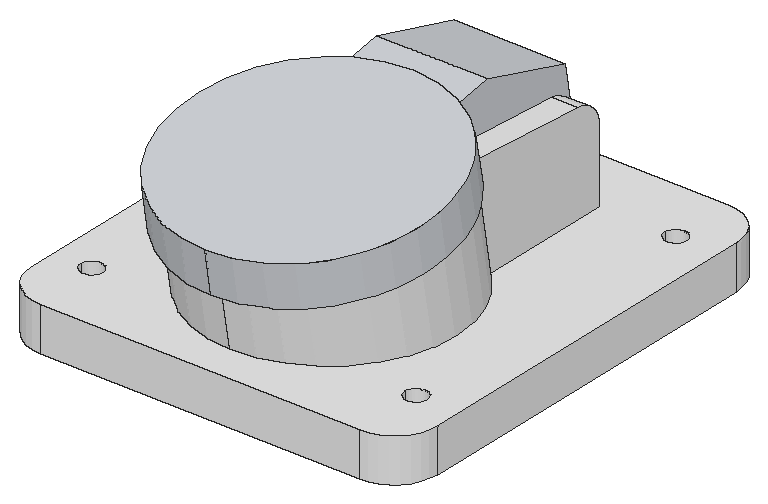
Revit family "Building-ConnessioniIEC309-GEWISS-IEC309HP-PRESE_FISSE_INC_10°_16A_IP44-54", category Apparecchi elettrici, host Superficie, Revit 2019
Family settings
  Host = Superficie
  Mantenere orientamento annotazione = Sì
  Quota connettore circolare = Usa diametro
  Tipo di parte = Normale
  Taglio con vuoti quando caricato = No
  Condiviso = Sì
  Punto di calcolo locali = Sì
Parameters (values of type "GW62817H - PR.INC.10° HP IP44 2P+T 16A-250Vcc8H")
  simbolo acceso [instance] = yes
  distanza_simbolo [instance] = 1 mm
  distanza dal piano [instance] = 0 mm
  W = 115 mm  # constant formula
  Versione file RFA = "21.11"
  URL = "https://www.gewiss.com/it/it"
  Tipologia = "Presa fissa da incasso 10°"
  Tipo Materiale = "Halogen free secondo norma EN 60754-2"
  Tipo Cablaggio = "A vite"
  Termopressione con biglia = "125 °C (Parti attive) - 80 °C (Parti passive)"
  Tensione nominale: = "-250 V"
  Temperatura di utilizzo = "-25 +55 °C"
  Spostamento_effettivo_S [instance] = 4000 mm - Spostamento_S  # 3037.5 mm
  Spostamento_S = 962.5 mm
  Sportello_visibile = yes
  Sovraccarico ammissibile = "22A"
  Scheda Tecnica = "https://www.gewiss.com/it/it/search?q=GW62817H"
  SPinotto = Default(2)
  SEO = "Presa"
  Riferimento h = "8"
  Resistenza di isolamento = "- 10 M?"
  Resistenza agli urti = "IK09"
  Default Elevation = 1219.2 mm
  Produttore = "GEWISS S.p.A."
  Prodotto a stock = ""
  Potere d'interruzione a 1,1 Un = "20A"
  Piastra = Default(2)
  N. poli = "2P+T"
  N. Manovre complessive = "-5000"
  Modello = "GW62817H"
  L = 155 mm  # constant formula
  Immagine tipo = (empty or 0)
  IDT = "449c9be6174e4ad8ab616abcf13f5df9"
  IDF = "60aa36fe-d3be-49a0-8a8f-dcc7e3cb5958"
  Grado di protezione = "IP44/IP54"
  Glow wire test: = "850 °C (Parti attive) - 650 °C (Parti passive)"
  Frequenza = "c.c."
  FORMULA = 1000 mm * 1  # 1000 mm
  Dimensioni flangia (mm) = "85x75"
  Descrizione = "PR.INC.10° HP IP44 2P+T 16A >250Vcc8H"
  Creato da GEWISS S.p.A. = ""
  Corrente nominale (A) = "16"
  Corpo centrale = Default(2)
  Colore: = "Grigio"
  Codice Electrocod = "2211"
  Catalogo = "BUILDING"
  CapacitÃ  serraggio morsetti = "1-2,5 mm² cavi flessibili - 1,5-4 mm² cavi rigidi"
  COBie.Tagnumber = ""
  COBie.CreatedOn = ""
  COBie.CreatebBy = ""
  COBie.ComponentRegisterItemID = ""
  COBie.Component.TagNumber = ""
  COBie.Component.Space = ""
  COBie.Component.SerialNumber = ""
  COBie.Component.InstallationDate = ""
  COBie.Component.Description = ""
  COBie.Component.BarCode = ""
  BLOCCO = "B=C"
Types (28, lengths in mm): name | Tensione nominale: | Scheda Tecnica | Riferimento h | N. poli | Modello | IDT | Frequenza | Descrizione | Colore: | Codice Electrocod
  GW62201H - PR.INC.10° HP IP44 2P+T 16A 110V 4H | "100 - 130 V" | "https://www.gewiss.com/it/it/search?q=GW62201H" | "4" | "2P+T" | "GW62201H" | "522bb0cb411141a68ef245d5ba18e1e8" | "50/60 Hz" | "PR.INC.10° HP IP44 2P+T 16A 110V 4H" | "Giallo" | "2210"
  GW62202H - PR.INC.10° HP IP44 3P+T 16A 110V 4H | "100 - 130 V" | "https://www.gewiss.com/it/it/search?q=GW62202H" | "4" | "3P+T" | "GW62202H" | "cbd5b3aa4f9f4f9db47fdae11ad827ab" | "50/60 Hz" | "PR.INC.10° HP IP44 3P+T 16A 110V 4H" | "Giallo" | "2210"
  GW62203H - PR.INC.10° HP IP44 3P+N+T 16A 110V 4H | "100 - 130 V" | "https://www.gewiss.com/it/it/search?q=GW62203H" | "4" | "3P+N+T" | "GW62203H" | "f08aecbf33af4d49914bcb00c71fcf7d" | "50/60 Hz" | "PR.INC.10° HP IP44 3P+N+T 16A 110V 4H" | "Giallo" | "2210"
  GW62205H - PR.INC.10° HP IP44 2P+T 16A 230V 6H | "200 - 250 V" | "https://www.gewiss.com/it/it/search?q=GW62205H" | "6" | "2P+T" | "GW62205H" | "fed461e781f64cfa8453bcc8ef1abc60" | "50/60 Hz" | "PR.INC.10° HP IP44 2P+T 16A 230V 6H" | "Blu" | "2210"
  GW62206H - PR.INC.10° HP IP44 3P+T 16A 230V 9H | "200 - 250 V" | "https://www.gewiss.com/it/it/search?q=GW62206H" | "9" | "3P+T" | "GW62206H" | "c354a84f0b194c74b8054a5a98bea44b" | "50/60 Hz" | "PR.INC.10° HP IP44 3P+T 16A 230V 9H" | "Blu" | "2210"
  GW62207H - PR.INC.10° HP IP44 3P+N+T 16A 230V 9H | "200 - 250 V" | "https://www.gewiss.com/it/it/search?q=GW62207H" | "9" | "3P+N+T" | "GW62207H" | "9162e7b46d564a5e8911e9751dbfbb7f" | "50/60 Hz" | "PR.INC.10° HP IP44 3P+N+T 16A 230V 9H" | "Blu" | "2210"
  GW62208H - PR.INC.10° HP IP44 2P+T 16A 400V 9H | "380 - 415 V" | "https://www.gewiss.com/it/it/search?q=GW62208H" | "9" | "2P+T" | "GW62208H" | "618010588fe54a099c75c459623e97d9" | "50/60 Hz" | "PR.INC.10° HP IP44 2P+T 16A 400V 9H" | "Rosso" | "2210"
  GW62209H - PR.INC.10° HP IP44 3P+T 16A 400V 6H | "380 - 415 V" | "https://www.gewiss.com/it/it/search?q=GW62209H" | "6" | "3P+T" | "GW62209H" | "537fb0c1ab1e4e2b8bda9ea244a71e4e" | "50/60 Hz" | "PR.INC.10° HP IP44 3P+T 16A 400V 6H" | "Rosso" | "2210"
  GW62210H - PR.INC.10° HP IP44 3P+N+T 16A 400V 6H | "380 - 415 V" | "https://www.gewiss.com/it/it/search?q=GW62210H" | "6" | "3P+N+T" | "GW62210H" | "f602b4d08b254745969e109e622f3307" | "50/60 Hz" | "PR.INC.10° HP IP44 3P+N+T 16A 400V 6H" | "Rosso" | "2210"
  GW62211H - PR.INC.10° HP IP44 3P+T 16A 500V 7H | "480 - 500 V" | "https://www.gewiss.com/it/it/search?q=GW62211H" | "7" | "3P+T" | "GW62211H" | "3417a573669b4ccea5d25befb81667e8" | "50/60 Hz" | "PR.INC.10° HP IP44 3P+T 16A 500V 7H" | "Nero" | "2210"
  GW62212H - PR.INC.10° HP IP44 3P+N+T 16A 500V 7H | "480 - 500 V" | "https://www.gewiss.com/it/it/search?q=GW62212H" | "7" | "3P+N+T" | "GW62212H" | "b8098b485a3146d2adb2c1d1e69ba87c" | "50/60 Hz" | "PR.INC.10° HP IP44 3P+N+T 16A 500V 7H" | "Nero" | "2210"
  GW62801H - PR.INC.10° HP IP44 2P+T 16A 500V 7H | "480 - 500 V" | "https://www.gewiss.com/it/it/search?q=GW62801H" | "7" | "2P+T" | "GW62801H" | "1e525980b27949d4866e88fc992d7cad" | "50/60 Hz" | "PR.INC.10° HP IP44 2P+T 16A 500V 7H" | "Nero" | "2211"
  GW62802H - PR.INC.10° HP IP44 3P+T 16A 690V 5H | "600 - 690 V" | "https://www.gewiss.com/it/it/search?q=GW62802H" | "5" | "3P+T" | "GW62802H" | "5381cd39c41c4d1285cc996da3538af1" | "50/60 Hz" | "PR.INC.10° HP IP44 3P+T 16A 690V 5H" | "Nero" | "2211"
  GW62803H - PR.INC.10° HP IP44 3P+N+T 16A 690V 5H | "600 - 690 V" | "https://www.gewiss.com/it/it/search?q=GW62803H" | "5" | "3P+N+T" | "GW62803H" | "60b6ecd826a8488ba21a83d217ef732c" | "50/60 Hz" | "PR.INC.10° HP IP44 3P+N+T 16A 690V 5H" | "Nero" | "2211"
  GW62804H - PR.INC.10° HP IP44 2P+T 16A-50V 10H | "-50 V" | "https://www.gewiss.com/it/it/search?q=GW62804H" | "10" | "2P+T" | "GW62804H" | "1cfe2a988e5a44c194ca3df296c0e3d2" | "100 - 300 Hz" | "PR.INC.10° HP IP44 2P+T 16A >50V 10H" | "Verde" | "2211"
  GW62805H - PR.INC.10° HP IP44 3P+T 16A-50V 10H | "-50 V" | "https://www.gewiss.com/it/it/search?q=GW62805H" | "10" | "3P+T" | "GW62805H" | "96a2ef7a21824eb987fa8de3d02240f2" | "100 - 300 Hz" | "PR.INC.10° HP IP44 3P+T 16A >50V 10H" | "Verde" | "2211"
  GW62806H - PR.INC.10° HP IP44 3P+N+T 16A-50V10H | "-50 V" | "https://www.gewiss.com/it/it/search?q=GW62806H" | "10" | "3P+N+T" | "GW62806H" | "b967acf0fbcd4268b375ef0ab55871d7" | "100 - 300 Hz" | "PR.INC.10° HP IP44 3P+N+T 16A >50V10H" | "Verde" | "2211"
  GW62807H - PR.INC.10° HP IP44 2P+T 16A-50V 2H | "-50 V" | "https://www.gewiss.com/it/it/search?q=GW62807H" | "2" | "2P+T" | "GW62807H" | "b4293150483c4cfb8c3c9791b508000d" | "-300 - 500 Hz" | "PR.INC.10° HP IP44 2P+T 16A >50V 2H" | "Verde" | "2211"
  GW62808H - PR.INC.10° HP IP44 3P+T 16A-50V 2H | "-50 V" | "https://www.gewiss.com/it/it/search?q=GW62808H" | "2" | "3P+T" | "GW62808H" | "774af41f0de74e6ca2b0c5cfb33fb662" | "-300 - 500 Hz" | "PR.INC.10° HP IP44 3P+T 16A >50V 2H" | "Verde" | "2211"
  GW62809H - PR.INC.10° HP IP44 3P+N+T 16A-50V2H | "-50 V" | "https://www.gewiss.com/it/it/search?q=GW62809H" | "2" | "3P+N+T" | "GW62809H" | "4db4aa9441c643d888f05182126a56ab" | "-300 - 500 Hz" | "PR.INC.10° HP IP44 3P+N+T 16A >50V2H" | "Verde" | "2211"
  GW62810H - PR.INC.10° HP IP44 3P+T 16A 440÷460V 11H | "440 - 460 V" | "https://www.gewiss.com/it/it/search?q=GW62810H" | "11" | "3P+T" | "GW62810H" | "bbba483e4b7a44a2bfde91ad2d28890e" | "60 Hz" | "PR.INC.10° HP IP44 3P+T 16A 440÷460V 11H" | "Rosso" | "2211"
  GW62811H - PR.INC.10°HP IP44 3P+N+T 16A 440÷460V11H | "440 - 460 V" | "https://www.gewiss.com/it/it/search?q=GW62811H" | "11" | "3P+N+T" | "GW62811H" | "013e84dd4e7e4da0bf96c8e78c399b43" | "60 Hz" | "PR.INC.10°HP IP44 3P+N+T 16A 440÷460V11H" | "Rosso" | "2211"
  GW62812H - PR.INC.10° HP IP44 3P+T 16A 380/440V 3H | "380 - 440 V" | "https://www.gewiss.com/it/it/search?q=GW62812H" | "3" | "3P+T" | "GW62812H" | "dc445870a3d145b68d9503ff29cb0347" | "50/60 Hz" | "PR.INC.10° HP IP44 3P+T 16A 380/440V 3H" | "Rosso" | "2211"
  GW62813H - PR.INC.10° HP IP44 3P+N+T 16A 380/440V3H | "380 - 440 V" | "https://www.gewiss.com/it/it/search?q=GW62813H" | "3" | "3P+N+T" | "GW62813H" | "363f8333e76d4e69aa2725f0ca1879f2" | "50/60 Hz" | "PR.INC.10° HP IP44 3P+N+T 16A 380/440V3H" | "Rosso" | "2211"
  GW62814H - PR.INC.10° HP IP44 2P+T 16A TRASF.12H | "trasf." | "https://www.gewiss.com/it/it/search?q=GW62814H" | "12" | "2P+T" | "GW62814H" | "b4658504dfa4408eae8291d6811099d5" | "50/60 Hz" | "PR.INC.10° HP IP44 2P+T 16A TRASF.12H" | "Grigio" | "2211"
  GW62815H - PR.INC.10° HP IP44 3P+T 16A TRASF.12H | "trasf." | "https://www.gewiss.com/it/it/search?q=GW62815H" | "12" | "3P+T" | "GW62815H" | "45b878129c2843198bc9f475ef54de60" | "50/60 Hz" | "PR.INC.10° HP IP44 3P+T 16A TRASF.12H" | "Grigio" | "2211"
  GW62816H - PR.INC.10° HP IP44 2P+T 16A-50÷250Vcc3H | "-50 - 250 V" | "https://www.gewiss.com/it/it/search?q=GW62816H" | "3" | "2P+T" | "GW62816H" | "9615f983d9d74483a732660c4bca6046" | "c.c." | "PR.INC.10° HP IP44 2P+T 16A >50÷250Vcc3H" | "Grigio" | "2211"
  GW62817H - PR.INC.10° HP IP44 2P+T 16A-250Vcc8H | "-250 V" | "https://www.gewiss.com/it/it/search?q=GW62817H" | "8" | "2P+T" | "GW62817H" | "449c9be6174e4ad8ab616abcf13f5df9" | "c.c." | "PR.INC.10° HP IP44 2P+T 16A >250Vcc8H" | "Grigio" | "2211"
Reference planes
  plane 1 "Centro (Fronte/Retro)": y = 0
  plane 2: z = 0
  plane 3 "Centro (Sinistra/Destra)": x = 0
  plane 4: x = -3000
  plane 5: x = 37.5
  plane 6: z = 0
Dimensions and locks
  plane 4 to plane 3 "Centro (Sinistra/Destra)" = 3000 mm
  "Spostamento_effettivo_S": plane 4 to plane 5
  "distanza dal piano": plane 6 to plane 2
  aligned and locked: plane 2 to host face
  aligned and locked: level to host face
  aligned and locked: plane 3 "Centro (Sinistra/Destra)" to nested 1
  aligned and locked: plane 1 "Centro (Fronte/Retro)" to nested 1
  aligned and locked: nested 2 to plane 5
Automatic sketch dimensions
  host sketch curve to host sketch curve = 2438.4 mm  (x2)
Nested families
  nested 1: "IEC309 PRESE FISSE INCASSO 10' 16A IP44-54_BASE" at (0, 0, 0), type "IEC309 PRESE FISSE INCASSO 10' 16A IP44-54_BASE"
  nested 2: "GWGW62201FH - SIMBOLO_PRESA" at (37.5, 171.559, 0), visible <- "simbolo acceso", Distanza dal muro <- "distanza_simbolo", type "3P"
    with SIMBOLO ACCESO yes, Distanza dal muro 1 mm
Connectors
  electrical at (37.5, 30, 0)
    settings: on nested 1, index 1, voltage 0 V, apparent load 0 VA, apparent load phase1 0 VA, apparent load phase2 0 VA, apparent load phase3 0 VA, power factor 1, load classification "Altro", number of poles 1, system type 31, power factor state 1, is connector primary yes, connector utility no, sub classification motor no, connector description ""
Definition of nested family "IEC309 PRESE FISSE INCASSO 10' 16A IP44-54_BASE"
  Parameters (values of type "IEC309 PRESE FISSE INCASSO 10' 16A IP44-54_BASE")
    sp_ghiera = 16 mm
    r3_int = r2 - 3 mm  # 17 mm
    r2 = R1 - 3 mm  # 20 mm
    h = 85 mm  # constant formula
    dis_base = 71 mm
    Sportello = yes
    Spinotto = none
    R1 = 23 mm
    PIASTRA = none
    Lunghezza totale = 140 mm
    CENTRALE = none
    Bsae = 75 mm  # constant formula
  Reference planes
    plane 1 "Centro (Fronte/Retro)": y = 0
    plane 2: z = 0
    plane 3 "Centro (Sinistra/Destra)": x = 0
    plane 4: x = 75
    plane 5: x = 7
    plane 6: y = 13
    plane 7: x = 67
    plane 8: y = 73
    plane 9: y = 85
    plane 10: y = 36.5
    plane 11: x = 37.5
    plane 12: z = 8.057
    plane 13: y = 29
    plane 14: z = 23.239
    plane 15: through (37.5, 29, 1200) normal (-0.766, -0.6428, 0)
    plane 16: through (37.5, 29, 1200) normal (-0.766, 0.6428, 0)
  Forms (mm)
    Extrusion 1, solid, material <- "PIASTRA"
      sketch origin (0, 0, 0) x (1, 0, 0) y (0, 1, 0)
        loop
          arc (8, 85) -> (2.343, 82.657) -> (0, 77) r 8
          line (0, 77) -> (0, 8)
          arc (0, 8) -> (2.343, 2.343) -> (8, 0) r 8
          line (8, 0) -> (67, 0)
          arc (67, 0) -> (72.657, 2.343) -> (75, 8) r 8
          line (75, 8) -> (75, 77)
          arc (75, 77) -> (72.657, 82.657) -> (67, 85) r 8
          line (67, 85) -> (8, 85)
      from 0 to 8.057
    Sweep 2, solid, material <- "PIASTRA"
      path origin (0, 0, 0) x (0, 1, 0) y (0, 0, 1)
        loop
          line (28.063, 23.618) -> (31.416, 5.179)
      profile origin (0, 29.74, 14.398) x (0, 0.983865, 0.17891) y (1, 0, 0)
        loop
          circle (-0.621, 37.5) r 23
        loop
          circle (-0.621, 37.5) r 20
    Extrusion 3, solid, material <- "PIASTRA"
      sketch origin (0, 0, 0) x (1, 0, 0) y (0, 1, 0)
        loop
          spline (47.772, 47.955) -> (48.225, 47.704) -> (48.672, 47.442) -> (49.113, 47.17) -> (49.548, 46.889) -> (49.976, 46.598) -> (50.398, 46.297) -> (50.812, 45.988) -> (51.219, 45.669) -> (51.619, 45.341) -> (52.011, 45.004) -> (52.395, 44.659) -> (52.772, 44.305)
          line (52.772, 44.305) -> (52.772, 73) -> (47.772, 73) -> (47.772, 47.955)
      from 8.057 to 31.758
    Extrusion 4, void
      sketch origin (0, 0, 0) x (0, 1, 0) y (0, 0, 1)
        loop
          line (73, 31.758) -> (44.305, 31.758) -> (44.305, 28.134) -> (68.064, 26.588)
          arc (68.064, 26.588) -> (71.251, 25.281) -> (73, 22.313) r 5.4
          line (73, 22.313) -> (73, 31.758)
      from 47.772 to 52.772
    Extrusion 5, solid, material <- "PIASTRA"
      sketch origin (75, 0, 0) x (-1, 0, 0) y (0, -1, 0)
        loop
          line (47.772, -48.02) -> (47.772, -73) -> (52.772, -73) -> (52.772, -43.697)
          spline (52.772, -43.697) -> (52.406, -44.109) -> (52.03, -44.514) -> (51.645, -44.909) -> (51.249, -45.294) -> (50.845, -45.671) -> (50.431, -46.037) -> (50.009, -46.394) -> (49.577, -46.74) -> (49.138, -47.076) -> (48.69, -47.402) -> (48.235, -47.716) -> (47.772, -48.02)
      from 8.057 to 28.109
    Extrusion 6, void
      sketch origin (75, 0, 0) x (0, 1, 0) y (0, 0, -1)
        loop
          line (73, -31.758) -> (73, -19.567)
          arc (73, -19.567) -> (71.497, -23.176) -> (67.952, -24.825) r 5.4
          line (67.952, -24.825) -> (38, -26.775) -> (38, -31.758) -> (73, -31.758)
      from 39.92 to 54.884
    Sweep 7, void
      path origin (0, 0.625, 0) x (0, 1, 0) y (0, 0, 1)
        loop
          line (18.381, 21.548) -> (20.759, 8.057)
      profile origin (0, 20.195, 14.803) x (0, 0.984809, 0.173644) y (1, 0, 0)
        loop
          circle (-1.772, 37.608) r 5
        loop
          circle (10.516, 29.004) r 5
        loop
          circle (10.516, 45.996) r 5
    Sweep 8, solid, visible <- "Sportello"
      path origin (0, -2.172, -0.205) x (0, 0.999986, 0.005351) y (0, -0.005351, 0.999986)
        loop
          line (29.897, 31.961) -> (31.331, 23.832)
      profile origin (0, 28.292, 27.855) x (0, 0.983865, 0.17891) y (1, 0, 0)
        loop
          circle (-2.622, 37.5) r 24.4
    Extrusion 9, solid, visible <- "Sportello"
      sketch origin (0, 0, -1.562) x (0, 1, 0) y (0, 0, 1)
        loop
          line (46.739, 26.216) -> (68.431, 24.804)
          arc (68.431, 24.804) -> (71.22, 23.59) -> (73.002, 21.123) r 5.761
          arc (73.002, 21.123) -> (73.116, 22.165) -> (73.026, 23.208) r 5.4
          line (73.026, 23.208) -> (71.359, 32.236) -> (53.64, 37.49) -> (45.019, 35.97) -> (46.739, 26.216)
      from 27.228 to 47.772
    Extrusion 10, void
      sketch origin (0, 0, 0) x (1, 0, 0) y (0, 1, 0)
        loop
          circle (7, 73) r 2.072
        loop
          circle (67, 73) r 2.072
        loop
          circle (7, 13) r 2.072
        loop
          circle (67, 13) r 2.072
      from 0 to 8.057
  Cuts and joins
    Sweep 7, Extrusion 10 cuts Extrusion 1
    Sweep 7, Extrusion 10 cuts Sweep 2
    joined: Extrusion 1, Sweep 2
    Extrusion 4, Extrusion 6 cuts Extrusion 3
    Extrusion 6 cuts Extrusion 5
    joined: Sweep 8, Extrusion 9
  Dimensions and locks
    "Bsae": plane 3 "Centro (Sinistra/Destra)" to plane 4
    locked: plane 7 to plane 4 at 8
    "h": plane 1 "Centro (Fronte/Retro)" to plane 9
    equal spacing: plane 1 "Centro (Fronte/Retro)", plane 10, plane 8
    equal spacing: plane 3 "Centro (Sinistra/Destra)", plane 11, plane 4
    locked: plane 5 to plane 7 at 60
    locked: plane 8 to plane 6 at 60
    locked: plane 12 to level at 8.057
    plane 1 "Centro (Fronte/Retro)" to plane 13 = 29 mm
    plane 14 to plane 12 = 15.181 mm
    radius of Extrusion 1 sketch curve = 8 mm  (x4)
    "R1": radius of Sweep 2 sketch curve
    "r2": radius of Sweep 2 sketch curve
    aligned and locked: level to plane 2
    aligned and locked: plane 9 to Extrusion 1
    aligned and locked: Extrusion 1 to plane 3 "Centro (Sinistra/Destra)"
    aligned and locked: plane 1 "Centro (Fronte/Retro)" to Extrusion 1
    aligned and locked: Extrusion 1 to plane 4
    aligned and locked: plane 12 to Extrusion 1
    aligned and locked: Extrusion 3 to plane 12
    aligned and locked: Extrusion 4 sketch curve to Extrusion 3  (x2)
    aligned and locked: Extrusion 4 sketch curve to plane 8
    aligned and locked: Extrusion 4 to Extrusion 3  (x2)
    aligned and locked: plane 5 to Extrusion 10 sketch curve  (x2)
    aligned and locked: plane 8 to Extrusion 10 sketch curve  (x2)
    aligned and locked: plane 7 to Extrusion 10 sketch curve  (x2)
    aligned and locked: plane 6 to Extrusion 10 sketch curve  (x2)
    aligned and locked: Extrusion 1 to Extrusion 10
  Automatic sketch dimensions
    Extrusion 1 sketch curve to plane 3 "Centro (Sinistra/Destra)" = 0 mm
    Extrusion 1 sketch curve to plane 7 = 0 mm
    plane 1 "Centro (Fronte/Retro)" to Extrusion 1 sketch curve = 0 mm
    Extrusion 1 sketch curve to plane 9 = 0 mm
    Extrusion 3 sketch curve to plane 8 = 0 mm
    plane 11 to Extrusion 3 sketch curve = 10.272 mm
    Extrusion 3 sketch curve to Extrusion 3 sketch curve = 5 mm
    plane 10 to Extrusion 3 sketch curve = 11.455 mm
    Extrusion 3 sketch curve to Extrusion 3 sketch curve = 3.65 mm
    Extrusion 3 sketch curve to plane 11 = 0.8 mm
    Extrusion 3 sketch curve to plane 13 = 0.898 mm
    Extrusion 5 sketch curve to plane 8 = 0 mm
    plane 11 to Extrusion 5 sketch curve = 10.272 mm
    Extrusion 5 sketch curve to Extrusion 5 sketch curve = 5 mm
    Extrusion 5 sketch curve to plane 10 = 11.52 mm
    Extrusion 5 sketch curve to Extrusion 5 sketch curve = 4.323 mm
    Extrusion 5 sketch curve to plane 13 = 0.016 mm
    Extrusion 5 sketch curve to plane 11 = 2.244 mm
    Extrusion 6 sketch curve to plane 8 = 0 mm
    Extrusion 6 sketch curve to plane 8 = 5.048 mm
    Extrusion 6 sketch curve to plane 14 = 3.802 mm
    Extrusion 6 sketch curve to plane 8 = 5.398 mm
    plane 10 to Extrusion 6 sketch curve = 1.5 mm
    Extrusion 6 sketch curve to plane 14 = 3.672 mm
    plane 14 to Extrusion 6 sketch curve = 3.536 mm
    Extrusion 6 sketch curve to Extrusion 6 sketch curve = 6.933 mm
    Extrusion 4 sketch curve to plane 14 = 2.04 mm
    Extrusion 4 sketch curve to plane 8 = 5.284 mm
    Extrusion 4 sketch curve to plane 8 = 4.936 mm
    Extrusion 4 sketch curve to plane 14 = 0.925 mm
    Extrusion 4 sketch curve to Extrusion 4 sketch curve = 3.624 mm
    Sweep 7 sketch curve to plane 12 = 0 mm
    Sweep 7 sketch curve to plane 14 = 1.691 mm
    plane 6 to Sweep 7 sketch curve = 6.006 mm
    plane 6 to Sweep 7 sketch curve = 8.384 mm
    profile plane to Sweep 7 sketch curve = 1.772 mm
    Sweep 7 sketch curve to profile plane = 10.516 mm  (x2)
    plane 3 "Centro (Sinistra/Destra)" to Sweep 7 sketch curve = 29.004 mm
    Sweep 7 sketch curve to Sweep 7 sketch curve = 8.604 mm
    Sweep 7 sketch curve to Sweep 7 sketch curve = 8.388 mm
    Sweep 8 sketch curve to plane 13 = 1.446 mm
    plane 14 to Sweep 8 sketch curve = 8.677 mm
    Sweep 8 sketch curve to Sweep 8 sketch curve = 1.433 mm
    Sweep 8 sketch curve to Sweep 8 sketch curve = 8.129 mm
    profile plane to Sweep 8 sketch curve = 2.622 mm
    plane 3 "Centro (Sinistra/Destra)" to Sweep 8 sketch curve = 37.5 mm
    Extrusion 9 sketch curve to Extrusion 9 sketch curve = 1.72 mm
    Extrusion 9 sketch curve to Extrusion 9 sketch curve = 8.621 mm
    Extrusion 9 sketch curve to Extrusion 9 sketch curve = 0.109 mm
    Extrusion 9 sketch curve to plane 8 = 1.641 mm
    Extrusion 9 sketch curve to plane 14 = 2.574 mm
    Extrusion 9 sketch curve to Extrusion 9 sketch curve = 3.125 mm
    plane 14 to Extrusion 9 sketch curve = 7.435 mm
    plane 14 to Extrusion 9 sketch curve = 1.415 mm
    Extrusion 9 sketch curve to Extrusion 9 sketch curve = 0.715 mm
    plane 14 to Extrusion 9 sketch curve = 0.003 mm
    plane 8 to Extrusion 9 sketch curve = 0.002 mm
    plane 8 to Extrusion 9 sketch curve = 0.026 mm
    Extrusion 9 sketch curve to plane 14 = 1.593 mm
    plane 10 to Extrusion 9 sketch curve = 17.14 mm
    Extrusion 9 sketch curve to Extrusion 9 sketch curve = 9.754 mm
    plane 14 to Sweep 2 sketch curve = 0.379 mm
    Sweep 2 sketch curve to plane 13 = 0.937 mm
    plane 13 to Sweep 2 sketch curve = 2.416 mm
    Sweep 2 sketch curve to plane 12 = 2.879 mm
    Sweep 2 sketch curve to Sweep 2 sketch curve = 0 mm  (x2)
    profile plane to Sweep 2 sketch curve = 0.621 mm
    plane 3 "Centro (Sinistra/Destra)" to Sweep 2 sketch curve = 37.5 mm
    radius of Sweep 7 sketch curve = 5 mm  (x3)
    radius of Extrusion 10 sketch curve = 2.072 mm  (x4)
    radius of Sweep 8 sketch curve = 24.4 mm
Definition of nested family "GWGW62201FH - SIMBOLO_PRESA"
  Parameters (values of type "3P")
    SIMBOLO ACCESO [instance] = yes
    Distanza dal muro [instance] = 0 mm
  Reference planes
    plane 1: y = 0
    plane 2: x = 0
  Dimensions and locks
    "Distanza dal muro": plane 1 to nested 1
    aligned and locked: plane 2 to nested 1
  Nested families
    nested 1: "GWGW62201FH - SIMBOLO" at (0, 0, 0), visible <- "SIMBOLO ACCESO", type "3P"
  Definition of nested family "GWGW62201FH - SIMBOLO"
    Parameters (values of type "3P")
      CORNICE SIMBOLO [instance] = yes
      3P = yes
    Reference planes
      plane 1: y = 0
      plane 2: x = 0
    Lines and regions (mm)
      detail lines
        curve 1: circle (-0.314, 0.674, 0) r 0.057 normal (0, 0, 1)
        curve 2: arc (0.346, -0.009, 0) -> (0, 0.337, 0) -> (-0.346, -0.009, 0) r 0.346
        curve 3: line (0, 0.337, 0) -> (0.346, 0.337, 0)
        curve 4: line (0, 3.386, 0) -> (0, 0.337, 0)
        curve 5: line (0, 0.337, 0) -> (-0.314, 0.674, 0)
